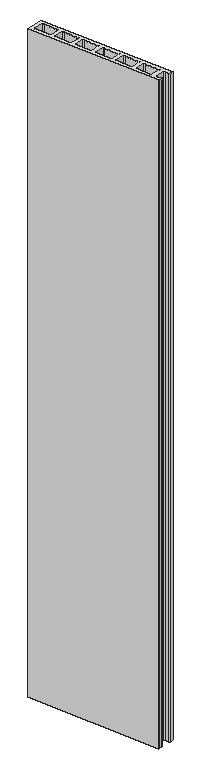
Revit family "ECP_MNH-6045A(オス側カット)", category 一般モデル, Revit 2022
Family settings
  鉄筋をホスト可能 = いいえ
  丸型コネクタ寸法 = 直径を使用
  パーツ タイプ = 標準
  作業面ベース = いいえ
  常に垂直 = はい
  ロード時にボイドで切り取り = はい
  注釈の向きを維持 = いいえ
  共有 = いいえ
  部屋計算ポイント = いいえ
Parameters (values of type "ECP_MNH-6045")
  長さ [instance] = 2000 mm
  穴表示 = yes
  材質 = 40Msr_ECP
  既定の高さ = 0 mm
  既存長さ = 450 mm
  幅 [instance] = 440 mm
  固定寸法 = 440 mm
  厚さ = 60 mm
  オース側カット [instance] = 固定寸法 - 幅  # 0 mm
  4 オス側カット [instance] = yes
Reference planes
  plane 1 "中心(正面/背面)": y = 0
  plane 2: z = 0
  plane 3 "中心(左/右)": x = 0
  plane 4: y = -30
  plane 5: y = 30
  plane 6: z = 2000
  plane 7: x = 440
  plane 8: x = 0
Forms (mm)
  Extrusion 1, solid, material "40Msr_ECP" <- "材質", detail levels fine
    sketch origin (0, 0, 0) x (1, 0, 0) y (0, 1, 0)
      loop
        line (0, -28) -> (2, -30) -> (438, -30) -> (440, -28) -> (440, -19)
        arc (440, -19) -> (439.121, -16.879) -> (437, -16) r 3
        line (437, -16) -> (423, -16)
        arc (423, -16) -> (420.879, -15.121) -> (420, -13) r 3
        line (420, -13) -> (420, 13)
        arc (420, 13) -> (420.879, 15.121) -> (423, 16) r 3
        line (423, 16) -> (437, 16)
        arc (437, 16) -> (439.121, 16.879) -> (440, 19) r 3
        line (440, 19) -> (440, 28) -> (438, 30) -> (2, 30) -> (0, 28) -> (0, 16)
        arc (0, 16) -> (-0.879, 13.879) -> (-3, 13) r 3
        line (-3, 13) -> (-17, 13)
        arc (-17, 13) -> (-19.121, 12.121) -> (-20, 10) r 3
        line (-20, 10) -> (-20, -10)
        arc (-20, -10) -> (-19.121, -12.121) -> (-17, -13) r 3
        line (-17, -13) -> (-3, -13)
        arc (-3, -13) -> (-0.879, -13.879) -> (0, -16) r 3
        line (0, -16) -> (0, -28)
    from 0 to 2000
  Extrusion 2, void
    sketch origin (-50, 0, 0) x (1, 0, 0) y (0, 1, 0)
      loop
        line (50, -30) -> (50, 30) -> (30, 30) -> (30, -30) -> (50, -30)
    from 0 to 2000
  Extrusion 3, void
    sketch origin (-617, 0, 0) x (1, 0, 0) y (0, 1, 0)
      loop
        line (633, -17) -> (681.5, -17)
        arc (681.5, -17) -> (683.622, -16.121) -> (684.5, -14) r 3
        line (684.5, -14) -> (684.5, 14)
        arc (684.5, 14) -> (683.622, 16.121) -> (681.5, 17) r 3
        line (681.5, 17) -> (633, 17)
        arc (633, 17) -> (630.879, 16.121) -> (630, 14) r 3
        line (630, 14) -> (630, -14)
        arc (630, -14) -> (630.879, -16.121) -> (633, -17) r 3
      loop
        line (700.5, -17) -> (749.5, -17)
        arc (749.5, -17) -> (751.622, -16.121) -> (752.5, -14) r 3
        line (752.5, -14) -> (752.5, 14)
        arc (752.5, 14) -> (751.622, 16.121) -> (749.5, 17) r 3
        line (749.5, 17) -> (700.5, 17)
        arc (700.5, 17) -> (698.379, 16.121) -> (697.5, 14) r 3
        line (697.5, 14) -> (697.5, -14)
        arc (697.5, -14) -> (698.379, -16.121) -> (700.5, -17) r 3
      loop
        line (768.5, -17) -> (817.5, -17)
        arc (817.5, -17) -> (819.622, -16.121) -> (820.5, -14) r 3
        line (820.5, -14) -> (820.5, 14)
        arc (820.5, 14) -> (819.622, 16.121) -> (817.5, 17) r 3
        line (817.5, 17) -> (768.5, 17)
        arc (768.5, 17) -> (766.379, 16.121) -> (765.5, 14) r 3
        line (765.5, 14) -> (765.5, -14)
        arc (765.5, -14) -> (766.379, -16.121) -> (768.5, -17) r 3
      loop
        line (836.5, -17) -> (885.5, -17)
        arc (885.5, -17) -> (887.622, -16.121) -> (888.5, -14) r 3
        line (888.5, -14) -> (888.5, 14)
        arc (888.5, 14) -> (887.622, 16.121) -> (885.5, 17) r 3
        line (885.5, 17) -> (836.5, 17)
        arc (836.5, 17) -> (834.379, 16.121) -> (833.5, 14) r 3
        line (833.5, 14) -> (833.5, -14)
        arc (833.5, -14) -> (834.379, -16.121) -> (836.5, -17) r 3
      loop
        line (904.5, -17) -> (953.5, -17)
        arc (953.5, -17) -> (955.622, -16.121) -> (956.5, -14) r 3
        line (956.5, -14) -> (956.5, 14)
        arc (956.5, 14) -> (955.622, 16.121) -> (953.5, 17) r 3
        line (953.5, 17) -> (904.5, 17)
        arc (904.5, 17) -> (902.379, 16.121) -> (901.5, 14) r 3
        line (901.5, 14) -> (901.5, -14)
        arc (901.5, -14) -> (902.379, -16.121) -> (904.5, -17) r 3
      loop
        line (972.5, -17) -> (1021, -17)
        arc (1021, -17) -> (1023.122, -16.121) -> (1024, -14) r 3
        line (1024, -14) -> (1024, 14)
        arc (1024, 14) -> (1023.122, 16.121) -> (1021, 17) r 3
        line (1021, 17) -> (972.5, 17)
        arc (972.5, 17) -> (970.379, 16.121) -> (969.5, 14) r 3
        line (969.5, 14) -> (969.5, -14)
        arc (969.5, -14) -> (970.379, -16.121) -> (972.5, -17) r 3
    from 0 to 2000
Cuts and joins
  Extrusion 2, Extrusion 3 cuts Extrusion 1
Lines and regions (mm)
  symbolic lines, style "ECPパネル", detail levels coarse+medium
    curve 1: line (0, 30, 0) -> (440, 30, 0)
    curve 2: line (0, -30, 0) -> (0, 30, 0)
    curve 3: line (440, -30, 0) -> (0, -30, 0)
    curve 4: line (440, 30, 0) -> (440, -30, 0)
    curve 5: line (0, 0, 0) -> (440, 0, 0)
    curve 6: line (0, 0, 2000) -> (0, 0, 0)
    curve 7: line (440, 0, 2000) -> (0, 0, 2000)
    curve 8: line (440, 0, 0) -> (440, 0, 2000)
    curve 9: line (0, -30, 2000) -> (0, 30, 2000)
    curve 10: line (0, -30, 0) -> (0, -30, 2000)
    curve 11: line (0, 30, 0) -> (0, -30, 0)
    curve 12: line (0, 30, 2000) -> (0, 30, 0)
Dimensions and locks
  "厚さ": plane 4 to plane 5
  "長さ": plane 6 to level
  equal spacing: plane 4, plane 1 "中心(正面/背面)", plane 5
  "長さ": cut or joined group of Extrusion 1, Extrusion 2, Extrusion 3 to level
  "長さ": Extrusion 2 to level
  "幅": cut or joined group of Extrusion 1, Extrusion 2, Extrusion 3 to curve 8
  "長さ": level to Extrusion 3
  "固定寸法": plane 3 "中心(左/右)" to cut or joined group of Extrusion 1, Extrusion 2, Extrusion 3
  "幅": plane 8 to plane 7
  "オース側カット": plane 3 "中心(左/右)" to Extrusion 2 sketch curve
  aligned and locked: level to plane 2
  aligned and locked: plane 7 to curve 4
Automatic sketch dimensions
  curve 11 to level = 0 mm
  curve 11 to plane 4 = 0 mm
  curve 11 to plane 5 = 0 mm
  curve 10 to plane 6 = 0 mm
  curve 7 to plane 3 "中心(左/右)" = 0 mm
  curve 5 to level = 0 mm
  curve 7 to plane 6 = 0 mm
  Extrusion 1 sketch curve to plane 3 "中心(左/右)" = 0 mm  (x2)
  plane 5 to Extrusion 1 sketch curve = 0 mm
  plane 4 to Extrusion 1 sketch curve = 0 mm
  Extrusion 1 sketch curve to plane 3 "中心(左/右)" = 3 mm  (x2)
  Extrusion 1 sketch curve to Extrusion 1 sketch curve = 14 mm  (x4)
  Extrusion 1 sketch curve to Extrusion 1 sketch curve = 3 mm  (x3)
  plane 3 "中心(左/右)" to Extrusion 1 sketch curve = 2 mm  (x2)
  plane 1 "中心(正面/背面)" to Extrusion 1 sketch curve = 13 mm
  Extrusion 1 sketch curve to Extrusion 1 sketch curve = 1 mm  (x2)
  Extrusion 1 sketch curve to Extrusion 1 sketch curve = 2 mm  (x2)
  Extrusion 1 sketch curve to plane 4 = 2 mm  (x2)
  Extrusion 1 sketch curve to Extrusion 1 sketch curve = 12 mm
  Extrusion 1 sketch curve to plane 1 "中心(正面/背面)" = 10 mm
  Extrusion 1 sketch curve to plane 1 "中心(正面/背面)" = 13 mm
  plane 5 to Extrusion 1 sketch curve = 2 mm  (x2)
  plane 3 "中心(左/右)" to Extrusion 3 sketch curve = 13 mm
  Extrusion 3 sketch curve to Extrusion 3 sketch curve = 3 mm  (x18)
  plane 5 to Extrusion 3 sketch curve = 13 mm  (x6)
  Extrusion 3 sketch curve to Extrusion 3 sketch curve = 48.5 mm  (x2)
  Extrusion 3 sketch curve to Extrusion 3 sketch curve = 0 mm  (x6)
  Extrusion 3 sketch curve to Extrusion 3 sketch curve = 13 mm  (x5)
  Extrusion 3 sketch curve to Extrusion 3 sketch curve = 49 mm  (x4)
  Extrusion 3 sketch curve to plane 4 = 13 mm  (x6)
  Extrusion 1 sketch curve to Extrusion 1 sketch curve = 418 mm
  plane 4 to Extrusion 2 sketch curve = 0 mm
  plane 5 to Extrusion 2 sketch curve = 0 mm
  Extrusion 2 sketch curve to plane 3 "中心(左/右)" = 20 mm
  plane 4 to curve 2 = 0 mm
  curve 2 to plane 8 = 0 mm
  plane 5 to curve 1 = 0 mm
